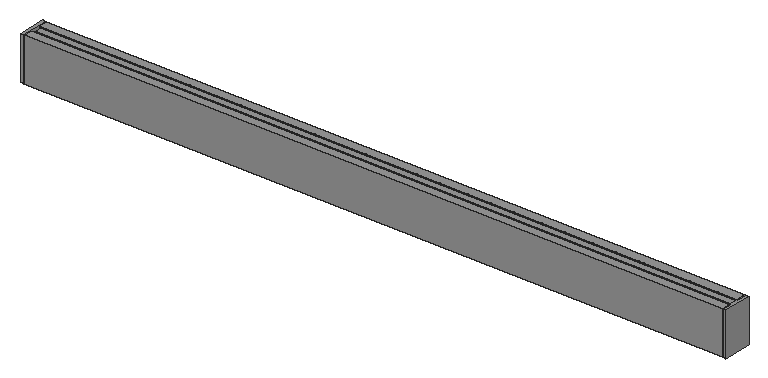
Revit family "KKDC_HighPower_SENLouvre033_3000K_1000mm", category 조명 설비, Revit 2024
Family settings
  원형 커넥터 치수 = 지름 사용
  부품 유형 = 배선함
  OmniClass 번호 = 23.80.70.00
  OmniClass 제목 = Lighting
  작업 기준면 기반 = 아니오
  항상 수직 = 예
  로드될 때 보이드를 사용하여 절단 = 아니오
  광원 = 예
  주석 방향 유지 = 아니오
  공유 = 아니오
  룸 계산 점 = 아니오
Parameters (values of type "Clear Cover 30deg 3000K")
  측광 웹 파일 = "SEN Louvre CV 035_3000K_30Deg_1000mm.IES"
  직사각형 폭에서 발산 = 28.2 mm
  직사각형 길이에서 발산 = 1000 mm
  Wattage Comments = ""
  Wattage = 67.2 W
  built-in parameter 1150110 = 1 (stored number, unit not read)
  built-in parameter 1114217 = 1 (stored number, unit not read)
  built-in parameter 1150109 = 1 (stored number, unit not read)
  built-in parameter 1150134 = (empty or 0)
  built-in parameter 1150113 = 1 (stored number, unit not read)
  Emit Shape Visible in Rendering = yes
  Lamp = ""
  Default Elevation = 0 mm
  Lumens = 2224.32 lm
  built-in parameter 1150115 = 1 (stored number, unit not read)
  built-in parameter 1150105 = 177.01 (stored number, unit not read)
  built-in parameter 1150137 = (empty or 0)
  built-in parameter 1150139 = (empty or 0)
  built-in parameter 1150112 = 1 (stored number, unit not read)
  built-in parameter 1150114 = 1 (stored number, unit not read)
  built-in parameter 1150132 = (empty or 0)
  built-in parameter 1150102 = (empty or 0)
  built-in parameter 1150138 = (empty or 0)
  built-in parameter 1150107 = 3000 (stored number, unit not read)
  built-in parameter 1150106 = 1.7701 (stored number, unit not read)
  built-in parameter 1150104 = 3.0751 (stored number, unit not read)
  Tilt Angle = 90.00°
  Dimming Lamp Color Temperature Shift = (empty or 0)
  Color Filter = 16777215
  built-in parameter 1114218 = 1 (stored number, unit not read)
  built-in parameter 1150133 = 10 (stored number, unit not read)
Types (4, lengths in mm): name | 측광 웹 파일 | Lumens | built-in parameter 1150105 | built-in parameter 1150106 | built-in parameter 1150104
  (no name) | "SEN Louvre CV 035_3000K_30Deg_1000mm.IES" | 2224.32 lm | 177.01 (stored number, unit not read) | 1.7701 (stored number, unit not read) | 3.0751 (stored number, unit not read)
  Clear Cover 10deg 3000K | "SEN Louvre CV 035_3000K_10Deg_1000mm.IES" | 2976.96 lm | 236.9 (stored number, unit not read) | 2.369 (stored number, unit not read) | 4.1156 (stored number, unit not read)
  Clear Cover 20deg 3000K | "SEN Louvre CV 035_3000K_20Deg_1000mm.IES" | 2815.68 lm | 224.06 (stored number, unit not read) | 2.2406 (stored number, unit not read) | 3.8926 (stored number, unit not read)
  Clear Cover 30deg 3000K | "SEN Louvre CV 035_3000K_30Deg_1000mm.IES" | 2224.32 lm | 177.01 (stored number, unit not read) | 1.7701 (stored number, unit not read) | 3.0751 (stored number, unit not read)
Reference planes
  plane 1 "광원 축(F/B)": y = 0
  plane 2: z = 0
  plane 3 "광원 축(L/R)": x = 0
  plane 4 "광원 입면도": z = 0
  plane 5 "Height": z = 61.5
Forms (mm)
  Extrusion 1, solid, material "Housing/Endcap(Aluminium 6061)"
    sketch origin (0, 0, 0) x (0, 1, 0) y (0, 0, 1)
      loop
        line (-19.6, 0) -> (-14.1, 0) -> (-14.1, 2.5) -> (-18, 2.5) -> (-18, 4.5) -> (18, 4.5) -> (18, 2.5) -> (14.1, 2.5) -> (14.1, 0) -> (19.6, 0) -> (19.6, 61.5) -> (7.6, 61.5) -> (7.6, 60) -> (9.6, 60) -> (9.6, 58) -> (0, 58) -> (-9.6, 58) -> (-9.6, 60) -> (-7.6, 60) -> (-7.6, 61.5) -> (-19.6, 61.5) -> (-19.6, 0)
    from -495 to 495
  Extrusion 2, solid, material "Housing/Endcap(Aluminium 6061)"
    sketch origin (0, 0, 0) x (0, 1, 0) y (0, 0, 1)
      loop
        line (-19.6, 0) -> (19.6, 0) -> (19.6, 61.5) -> (-19.6, 61.5) -> (-19.6, 0)
    from 500 to 495
  Extrusion 3, solid, material "Housing/Endcap(Aluminium 6061)"
    sketch origin (0, 0, 0) x (0, 1, 0) y (0, 0, 1)
      loop
        line (-19.6, 0) -> (19.6, 0) -> (19.6, 61.5) -> (-19.6, 61.5) -> (-19.6, 0)
    from -500 to -495
  Extrusion 4, solid, material "Cover (PC Diffused)"
    sketch origin (0, 0, 0) x (0, 1, 0) y (0, 0, 1)
      loop
        line (-18, 2.5) -> (18, 2.5) -> (18, 4.5) -> (-18, 4.5) -> (-18, 2.5)
    from -495 to 495
Dimensions and locks
  aligned and locked: plane 3 "광원 축(L/R)" to imposter light
  aligned and locked: plane 1 "광원 축(F/B)" to imposter light
  aligned and locked: plane 4 "광원 입면도" to imposter light
  aligned and locked: level to plane 2
  aligned and locked: plane 4 "광원 입면도" to level
Connectors
  electrical at (0, 0, 61.5)
    settings: index 1, voltage 24 V, apparent load 0 VA, apparent load phase1 0 VA, apparent load phase2 0 VA, apparent load phase3 0 VA, power factor 1, load classification "조명", number of poles 1, system type 31, power factor state 1, is connector primary yes, connector utility no, sub classification motor no, connector description ""
